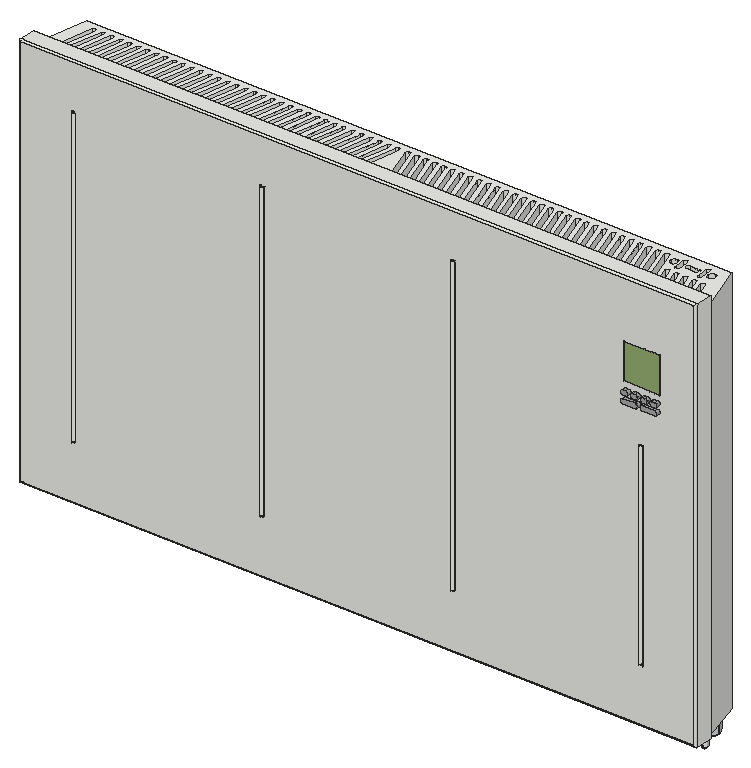
Revit family "Elegance 750W", category Mechanical Equipment, Revit 2018 (continued)
Forms (mm)
  Revolve 63, void
    sketch origin (482.5, 200, 2) x (1, 0, 0) y (0, 1, 0)
      loop
        line (-345, -164.5) -> (-345, -177)
        arc (-345, -177) -> (-342.5, -179.5) -> (-340, -177) r 2.5
        line (-340, -177) -> (-340, -164.5) -> (-345, -164.5)
      axis (-345, -164.5) -> (-340, -164.5)
    angle from 0 to -90
  Revolve 64, void
    sketch origin (512.5, 200, 2) x (1, 0, 0) y (0, 1, 0)
      loop
        line (-345, -164.5) -> (-345, -177)
        arc (-345, -177) -> (-342.5, -179.5) -> (-340, -177) r 2.5
        line (-340, -177) -> (-340, -164.5) -> (-345, -164.5)
      axis (-345, -164.5) -> (-340, -164.5)
    angle from 0 to -90
  Revolve 65, void
    sketch origin (502.5, 200, 2) x (1, 0, 0) y (0, 1, 0)
      loop
        line (-345, -164.5) -> (-345, -177)
        arc (-345, -177) -> (-342.5, -179.5) -> (-340, -177) r 2.5
        line (-340, -177) -> (-340, -164.5) -> (-345, -164.5)
      axis (-345, -164.5) -> (-340, -164.5)
    angle from 0 to -90
  Revolve 66, void
    sketch origin (522.5, 200, 2) x (1, 0, 0) y (0, 1, 0)
      loop
        line (-345, -164.5) -> (-345, -177)
        arc (-345, -177) -> (-342.5, -179.5) -> (-340, -177) r 2.5
        line (-340, -177) -> (-340, -164.5) -> (-345, -164.5)
      axis (-345, -164.5) -> (-340, -164.5)
    angle from 0 to -90
  Revolve 67, void
    sketch origin (542.5, 200, 2) x (1, 0, 0) y (0, 1, 0)
      loop
        line (-345, -164.5) -> (-345, -177)
        arc (-345, -177) -> (-342.5, -179.5) -> (-340, -177) r 2.5
        line (-340, -177) -> (-340, -164.5) -> (-345, -164.5)
      axis (-345, -164.5) -> (-340, -164.5)
    angle from 0 to -90
  Revolve 68, void
    sketch origin (532.5, 200, 2) x (1, 0, 0) y (0, 1, 0)
      loop
        line (-345, -164.5) -> (-345, -177)
        arc (-345, -177) -> (-342.5, -179.5) -> (-340, -177) r 2.5
        line (-340, -177) -> (-340, -164.5) -> (-345, -164.5)
      axis (-345, -164.5) -> (-340, -164.5)
    angle from 0 to -90
  Revolve 69, void
    sketch origin (562.5, 200, 2) x (1, 0, 0) y (0, 1, 0)
      loop
        line (-345, -164.5) -> (-345, -177)
        arc (-345, -177) -> (-342.5, -179.5) -> (-340, -177) r 2.5
        line (-340, -177) -> (-340, -164.5) -> (-345, -164.5)
      axis (-345, -164.5) -> (-340, -164.5)
    angle from 0 to -90
  Revolve 70, void
    sketch origin (552.5, 200, 2) x (1, 0, 0) y (0, 1, 0)
      loop
        line (-345, -164.5) -> (-345, -177)
        arc (-345, -177) -> (-342.5, -179.5) -> (-340, -177) r 2.5
        line (-340, -177) -> (-340, -164.5) -> (-345, -164.5)
      axis (-345, -164.5) -> (-340, -164.5)
    angle from 0 to -90
  Revolve 71, void
    sketch origin (572.5, 200, 2) x (1, 0, 0) y (0, 1, 0)
      loop
        line (-345, -164.5) -> (-345, -177)
        arc (-345, -177) -> (-342.5, -179.5) -> (-340, -177) r 2.5
        line (-340, -177) -> (-340, -164.5) -> (-345, -164.5)
      axis (-345, -164.5) -> (-340, -164.5)
    angle from 0 to -90
  Revolve 72, void
    sketch origin (582.5, 200, 2) x (1, 0, 0) y (0, 1, 0)
      loop
        line (-345, -164.5) -> (-345, -177)
        arc (-345, -177) -> (-342.5, -179.5) -> (-340, -177) r 2.5
        line (-340, -177) -> (-340, -164.5) -> (-345, -164.5)
      axis (-345, -164.5) -> (-340, -164.5)
    angle from 0 to -90
  Extrusion 73, void
    sketch origin (0, 0, 0) x (1, 0, 0) y (0, 1, 0)
      loop
        circle (286, -13) r 2
      loop
        circle (264, -13) r 2
      loop
        circle (286, 21) r 2
      loop
        circle (264, 21) r 2
      loop
        circle (-264, -13) r 2
      loop
        circle (-286, -13) r 2
      loop
        circle (-264, 21) r 2
      loop
        circle (-286, 21) r 2
    from 2 to 7
  Extrusion 74, solid, material "Zwart" <- "Zwart"
    sketch origin (0, 0, 0) x (1, 0, 0) y (0, 1, 0)
      loop
        circle (357, -0.5) r 7
    from 0.5 to 2
  Revolve 75, solid, material "Laquer White" <- "Colour"
    sketch origin (357, 0, 0) x (0, 1, 0) y (0, 0, 1)
      loop
        line (-0.5, 0.5) -> (-0.5, -21.5)
        arc (-0.5, -21.5) -> (1.621, -20.621) -> (2.5, -18.5) r 3
        line (2.5, -18.5) -> (2.5, 0.5) -> (-0.5, 0.5)
      axis (-0.5, 0.5) -> (-0.5, -21.5)
    angle from 0 to 360
  Extrusion 76, solid, material "Metaal" <- "Beugel"
    sketch origin (0, 0, 0) x (1, 0, 0) y (0, 0, 1)
      loop
        line (-201, 412) -> (-201, 402) -> (-222, 402) -> (-222, 367) -> (-22, 367) -> (-22, 32) -> (22, 32) -> (22, 367) -> (222, 367) -> (222, 402) -> (201, 402) -> (201, 412) -> (-201, 412)
      loop
        arc (-3, 51) -> (0, 42) -> (3, 51) r 5
        line (3, 51) -> (3, 62)
        arc (3, 62) -> (0, 65) -> (-3, 62) r 3
        line (-3, 62) -> (-3, 51)
      loop
        arc (-210, 381) -> (-207, 372) -> (-204, 381) r 5
        line (-204, 381) -> (-204, 392)
        arc (-204, 392) -> (-207, 395) -> (-210, 392) r 3
        line (-210, 392) -> (-210, 381)
      loop
        arc (204, 381) -> (207, 372) -> (210, 381) r 5
        line (210, 381) -> (210, 392)
        arc (210, 392) -> (207, 395) -> (204, 392) r 3
        line (204, 392) -> (204, 381)
    from -50.5 to -35.5
  Extrusion 77, void
    sketch origin (0, 0, 0) x (0, 1, 0) y (0, 0, 1)
      loop
        line (50.5, 412) -> (44.5, 412) -> (50.5, 402) -> (50.5, 412)
    from -201 to 201
  Extrusion 78, void
    sketch origin (0, 0, 0) x (0, 1, 0) y (0, 0, 1)
      loop
        line (35.5, 412) -> (35.5, 32.8) -> (49.7, 32.8) -> (49.7, 401.778) -> (43.567, 412) -> (35.5, 412)
    from -221.2 to 221.2
Cuts and joins
  Sweep 2, Blend 3, Blend 4, Blend 5, Blend 6, Extrusion 7, Extrusion 14, Extrusion 15 cuts Extrusion 1
  Extrusion 11, Extrusion 12, Extrusion 13, Extrusion 16, Revolve 17, Revolve 18, Revolve 19, Revolve 20, Revolve 21, Revolve 22, Revolve 23, Revolve 24, Revolve 25, Revolve 26, Revolve 27, Revolve 28, Revolve 29, Revolve 30, Revolve 31, Revolve 32, Revolve 33, Revolve 34, Revolve 35, Revolve 36, Revolve 37, Revolve 38, Revolve 39, Revolve 40, Revolve 41, Revolve 42, Revolve 43, Revolve 44, Revolve 45, Revolve 46, Revolve 47, Revolve 48, Revolve 49, Revolve 50, Revolve 51, Revolve 52, Revolve 53, Revolve 54, Revolve 55, Revolve 56, Revolve 57, Revolve 58, Revolve 59, Revolve 60, Revolve 61, Revolve 62, Revolve 63, Revolve 64, Revolve 65, Revolve 66, Revolve 67, Revolve 68, Revolve 69, Revolve 70, Revolve 71, Revolve 72, Extrusion 73 cuts Extrusion 10
  Extrusion 77, Extrusion 78 cuts Extrusion 76
Lines and regions (mm)
  sketch lines
    curve 1: line (375, -35.5, 440) -> (-375, -35.5, 440)
    curve 2: line (375, -35.5, 0) -> (375, -35.5, 440)
    curve 3: line (-375, -35.5, 0) -> (375, -35.5, 0)
    curve 4: line (-375, -35.5, 440) -> (-375, -35.5, 0)
Dimensions and locks
  equal spacing: plane 8, plane 1 "Center (Front/Back)", plane 7
  "Diepte": plane 8 to plane 7
  equal spacing: plane 5, plane 3 "Center (Left/Right)", plane 4
  "Breedte": plane 5 to plane 4
  "Hoogte": plane 6 to level
  aligned and locked: level to plane 2
  aligned and locked: profile plane to Sweep 2 sketch curve  (x2)
Automatic sketch dimensions
  Extrusion 1 sketch curve to level = 0 mm
  Extrusion 1 sketch curve to plane 5 = 0 mm
  Extrusion 1 sketch curve to plane 4 = 0 mm
  Extrusion 1 sketch curve to plane 6 = 0 mm
  Blend 3 sketch curve to plane 4 = 61 mm
  Blend 3 sketch curve to Blend 3 sketch curve = 1 mm  (x4)
  level to Blend 3 sketch curve = 62 mm
  Blend 3 sketch curve to plane 6 = 162 mm
  Blend 3 sketch curve to plane 4 = 64 mm
  Blend 3 sketch curve to Blend 3 sketch curve = 5 mm  (x2)
  level to Blend 3 sketch curve = 60 mm
  Blend 3 sketch curve to plane 6 = 161 mm
  plane 5 to Blend 4 sketch curve = 60 mm
  Blend 4 sketch curve to Blend 4 sketch curve = 1 mm  (x4)
  level to Blend 4 sketch curve = 62 mm
  Blend 4 sketch curve to plane 6 = 52 mm
  plane 5 to Blend 4 sketch curve = 57 mm
  Blend 4 sketch curve to Blend 4 sketch curve = 5 mm  (x2)
  level to Blend 4 sketch curve = 60 mm
  Blend 4 sketch curve to plane 6 = 51 mm
  Blend 5 sketch curve to plane 3 "Center (Left/Right)" = 106 mm
  Blend 5 sketch curve to Blend 5 sketch curve = 1 mm  (x4)
  level to Blend 5 sketch curve = 62 mm
  Blend 5 sketch curve to plane 6 = 52 mm
  Blend 5 sketch curve to plane 3 "Center (Left/Right)" = 109 mm
  Blend 5 sketch curve to Blend 5 sketch curve = 5 mm  (x2)
  level to Blend 5 sketch curve = 60 mm
  Blend 5 sketch curve to plane 6 = 51 mm
  plane 3 "Center (Left/Right)" to Blend 6 sketch curve = 105 mm
  Blend 6 sketch curve to Blend 6 sketch curve = 1 mm  (x4)
  level to Blend 6 sketch curve = 62 mm
  Blend 6 sketch curve to plane 6 = 52 mm
  plane 3 "Center (Left/Right)" to Blend 6 sketch curve = 102 mm
  Blend 6 sketch curve to Blend 6 sketch curve = 5 mm  (x2)
  level to Blend 6 sketch curve = 60 mm
  Blend 6 sketch curve to plane 6 = 51 mm
  Extrusion 7 sketch curve to plane 4 = 80 mm
  Extrusion 7 sketch curve to plane 4 = 40 mm
  Extrusion 7 sketch curve to plane 6 = 104 mm
  Extrusion 7 sketch curve to Extrusion 7 sketch curve = 40 mm
  Extrusion 8 sketch curve to plane 4 = 80 mm
  Extrusion 8 sketch curve to plane 4 = 40 mm
  Extrusion 8 sketch curve to plane 6 = 104 mm
  Extrusion 8 sketch curve to Extrusion 8 sketch curve = 40 mm
  Extrusion 9 sketch curve to plane 4 = 77.5 mm
  Extrusion 9 sketch curve to Extrusion 9 sketch curve = 0 mm  (x3)
  Extrusion 9 sketch curve to Extrusion 9 sketch curve = 2.8 mm  (x5)
  Extrusion 9 sketch curve to Extrusion 9 sketch curve = 7.9 mm  (x2)
  Extrusion 9 sketch curve to Extrusion 9 sketch curve = 8 mm  (x2)
  Extrusion 9 sketch curve to plane 6 = 123.5 mm
  Extrusion 9 sketch curve to Extrusion 9 sketch curve = 2.5 mm  (x6)
  Extrusion 9 sketch curve to Extrusion 9 sketch curve = 3.5 mm  (x4)
  Extrusion 10 sketch curve to plane 7 = 0 mm
  level to Extrusion 10 sketch curve = 2 mm
  Extrusion 10 sketch curve to plane 8 = 10 mm
  Extrusion 10 sketch curve to plane 6 = 11.98 mm
  Extrusion 10 sketch curve to plane 6 = 6 mm
  plane 7 to Extrusion 11 sketch curve = 0 mm
  Extrusion 11 sketch curve to plane 4 = 17.592 mm
  Extrusion 11 sketch curve to plane 4 = 2 mm
  plane 1 "Center (Front/Back)" to Extrusion 11 sketch curve = 15.5 mm
  plane 7 to Extrusion 12 sketch curve = 0 mm
  Extrusion 12 sketch curve to plane 5 = 17.592 mm
  Extrusion 12 sketch curve to plane 5 = 2 mm
  Extrusion 12 sketch curve to plane 1 "Center (Front/Back)" = 15.5 mm
  Extrusion 14 sketch curve to plane 8 = 10 mm
  Extrusion 14 sketch curve to plane 4 = 122 mm
  plane 1 "Center (Front/Back)" to Extrusion 14 sketch curve = 15.5 mm
  Extrusion 14 sketch curve to Extrusion 14 sketch curve = 44 mm
  plane 8 to Extrusion 15 sketch curve = 10 mm
  Extrusion 15 sketch curve to plane 5 = 122 mm
  Extrusion 15 sketch curve to plane 1 "Center (Front/Back)" = 15.5 mm
  Extrusion 15 sketch curve to Extrusion 15 sketch curve = 44 mm
  plane 5 to Extrusion 16 sketch curve = 25 mm
  Extrusion 16 sketch curve to Extrusion 16 sketch curve = 2.5 mm  (x57)
  Extrusion 16 sketch curve to Extrusion 16 sketch curve = 5 mm  (x54)
  plane 1 "Center (Front/Back)" to Extrusion 16 sketch curve = 9 mm  (x31)
  Extrusion 16 sketch curve to Extrusion 16 sketch curve = 57.967 mm
  Extrusion 16 sketch curve to Extrusion 16 sketch curve = 2.266 mm
  plane 3 "Center (Left/Right)" to Extrusion 16 sketch curve = 2.5 mm
  Extrusion 16 sketch curve to Extrusion 16 sketch curve = 57.5 mm
  Extrusion 16 sketch curve to Extrusion 16 sketch curve = 0 mm  (x76)
  Extrusion 16 sketch curve to plane 1 "Center (Front/Back)" = 16 mm  (x9)
  plane 7 to Revolve 17 sketch curve = 0 mm  (x2)
  plane 5 to Revolve 17 sketch curve = 30 mm
  Revolve 17 sketch curve to Revolve 17 sketch curve = 2.5 mm  (x3)
  plane 7 to Revolve 17 sketch curve = 12.5 mm
  plane 7 to Revolve 18 sketch curve = 0 mm  (x2)
  plane 5 to Revolve 18 sketch curve = 20 mm
  Revolve 18 sketch curve to Revolve 18 sketch curve = 2.5 mm  (x3)
  plane 7 to Revolve 18 sketch curve = 12.5 mm
  plane 7 to Revolve 19 sketch curve = 0 mm  (x2)
  plane 7 to Revolve 19 sketch curve = 12.5 mm
  plane 5 to Revolve 19 sketch curve = 40 mm
  Revolve 19 sketch curve to Revolve 19 sketch curve = 2.5 mm  (x3)
  plane 7 to Revolve 20 sketch curve = 0 mm  (x2)
  plane 7 to Revolve 20 sketch curve = 12.5 mm
  plane 5 to Revolve 20 sketch curve = 60 mm
  Revolve 20 sketch curve to Revolve 20 sketch curve = 2.5 mm  (x3)
  plane 7 to Revolve 21 sketch curve = 0 mm  (x2)
  plane 7 to Revolve 21 sketch curve = 12.5 mm
  plane 5 to Revolve 21 sketch curve = 50 mm
  Revolve 21 sketch curve to Revolve 21 sketch curve = 2.5 mm  (x3)
  plane 7 to Revolve 22 sketch curve = 0 mm  (x2)
  plane 7 to Revolve 22 sketch curve = 12.5 mm
  Revolve 22 sketch curve to plane 4 = 60 mm
  Revolve 22 sketch curve to Revolve 22 sketch curve = 2.5 mm  (x3)
  plane 7 to Revolve 23 sketch curve = 0 mm  (x2)
  plane 7 to Revolve 23 sketch curve = 12.5 mm
  Revolve 23 sketch curve to plane 4 = 50 mm
  Revolve 23 sketch curve to Revolve 23 sketch curve = 2.5 mm  (x3)
  plane 7 to Revolve 24 sketch curve = 0 mm  (x2)
  plane 7 to Revolve 24 sketch curve = 12.5 mm
  plane 5 to Revolve 24 sketch curve = 142.5 mm
  Revolve 24 sketch curve to Revolve 24 sketch curve = 2.5 mm  (x3)
  plane 7 to Revolve 25 sketch curve = 0 mm  (x2)
  plane 7 to Revolve 25 sketch curve = 12.5 mm
  plane 5 to Revolve 25 sketch curve = 132.5 mm
  Revolve 25 sketch curve to Revolve 25 sketch curve = 2.5 mm  (x3)
  plane 7 to Revolve 26 sketch curve = 0 mm  (x2)
  plane 7 to Revolve 26 sketch curve = 12.5 mm
  plane 5 to Revolve 26 sketch curve = 152.5 mm
  Revolve 26 sketch curve to Revolve 26 sketch curve = 2.5 mm  (x3)
  plane 7 to Revolve 27 sketch curve = 0 mm  (x2)
  plane 7 to Revolve 27 sketch curve = 12.5 mm
  plane 5 to Revolve 27 sketch curve = 172.5 mm
  Revolve 27 sketch curve to Revolve 27 sketch curve = 2.5 mm  (x3)
  plane 7 to Revolve 28 sketch curve = 0 mm  (x2)
  plane 7 to Revolve 28 sketch curve = 12.5 mm
  plane 5 to Revolve 28 sketch curve = 162.5 mm
  Revolve 28 sketch curve to Revolve 28 sketch curve = 2.5 mm  (x3)
  plane 7 to Revolve 29 sketch curve = 0 mm  (x2)
  plane 7 to Revolve 29 sketch curve = 12.5 mm
  Revolve 29 sketch curve to plane 3 "Center (Left/Right)" = 182.5 mm
  Revolve 29 sketch curve to Revolve 29 sketch curve = 2.5 mm  (x3)
  plane 7 to Revolve 30 sketch curve = 0 mm  (x2)
  plane 7 to Revolve 30 sketch curve = 12.5 mm
  plane 5 to Revolve 30 sketch curve = 182.5 mm
  Revolve 30 sketch curve to Revolve 30 sketch curve = 2.5 mm  (x3)
  plane 7 to Revolve 31 sketch curve = 0 mm  (x2)
  plane 7 to Revolve 31 sketch curve = 12.5 mm
  Revolve 31 sketch curve to plane 3 "Center (Left/Right)" = 172.5 mm
  Revolve 31 sketch curve to Revolve 31 sketch curve = 2.5 mm  (x3)
  plane 7 to Revolve 32 sketch curve = 0 mm  (x2)
  plane 7 to Revolve 32 sketch curve = 12.5 mm
  Revolve 32 sketch curve to plane 3 "Center (Left/Right)" = 152.5 mm
  Revolve 32 sketch curve to Revolve 32 sketch curve = 2.5 mm  (x3)
  plane 7 to Revolve 33 sketch curve = 0 mm  (x2)
  plane 7 to Revolve 33 sketch curve = 12.5 mm
  Revolve 33 sketch curve to plane 3 "Center (Left/Right)" = 162.5 mm
  Revolve 33 sketch curve to Revolve 33 sketch curve = 2.5 mm  (x3)
  plane 7 to Revolve 34 sketch curve = 0 mm  (x2)
  plane 7 to Revolve 34 sketch curve = 12.5 mm
  Revolve 34 sketch curve to plane 3 "Center (Left/Right)" = 132.5 mm
  Revolve 34 sketch curve to Revolve 34 sketch curve = 2.5 mm  (x3)
  plane 7 to Revolve 35 sketch curve = 0 mm  (x2)
  plane 7 to Revolve 35 sketch curve = 12.5 mm
  Revolve 35 sketch curve to plane 3 "Center (Left/Right)" = 142.5 mm
  Revolve 35 sketch curve to Revolve 35 sketch curve = 2.5 mm  (x3)
  plane 7 to Revolve 36 sketch curve = 0 mm  (x2)
  plane 7 to Revolve 36 sketch curve = 12.5 mm
  Revolve 36 sketch curve to plane 3 "Center (Left/Right)" = 122.5 mm
  Revolve 36 sketch curve to Revolve 36 sketch curve = 2.5 mm  (x3)
  plane 7 to Revolve 37 sketch curve = 0 mm  (x2)
  plane 7 to Revolve 37 sketch curve = 12.5 mm
  Revolve 37 sketch curve to plane 3 "Center (Left/Right)" = 102.5 mm
  Revolve 37 sketch curve to Revolve 37 sketch curve = 2.5 mm  (x3)
  plane 7 to Revolve 38 sketch curve = 0 mm  (x2)
  plane 7 to Revolve 38 sketch curve = 12.5 mm
  Revolve 38 sketch curve to plane 3 "Center (Left/Right)" = 112.5 mm
  Revolve 38 sketch curve to Revolve 38 sketch curve = 2.5 mm  (x3)
  plane 7 to Revolve 39 sketch curve = 0 mm  (x2)
  plane 7 to Revolve 39 sketch curve = 12.5 mm
  Revolve 39 sketch curve to plane 3 "Center (Left/Right)" = 82.5 mm
  Revolve 39 sketch curve to Revolve 39 sketch curve = 2.5 mm  (x3)
  plane 7 to Revolve 40 sketch curve = 0 mm  (x2)
  plane 7 to Revolve 40 sketch curve = 12.5 mm
  Revolve 40 sketch curve to plane 3 "Center (Left/Right)" = 92.5 mm
  Revolve 40 sketch curve to Revolve 40 sketch curve = 2.5 mm  (x3)
  plane 7 to Revolve 41 sketch curve = 0 mm  (x2)
  plane 7 to Revolve 41 sketch curve = 12.5 mm
  Revolve 41 sketch curve to plane 3 "Center (Left/Right)" = 72.5 mm
  Revolve 41 sketch curve to Revolve 41 sketch curve = 2.5 mm  (x3)
  plane 7 to Revolve 42 sketch curve = 0 mm  (x2)
  plane 7 to Revolve 42 sketch curve = 12.5 mm
  Revolve 42 sketch curve to plane 3 "Center (Left/Right)" = 52.5 mm
  Revolve 42 sketch curve to Revolve 42 sketch curve = 2.5 mm  (x3)
  plane 7 to Revolve 43 sketch curve = 0 mm  (x2)
  plane 7 to Revolve 43 sketch curve = 12.5 mm
  Revolve 43 sketch curve to plane 3 "Center (Left/Right)" = 62.5 mm
  Revolve 43 sketch curve to Revolve 43 sketch curve = 2.5 mm  (x3)
  plane 7 to Revolve 44 sketch curve = 0 mm  (x2)
  Revolve 44 sketch curve to plane 3 "Center (Left/Right)" = 32.5 mm
  Revolve 44 sketch curve to Revolve 44 sketch curve = 2.5 mm  (x3)
  plane 7 to Revolve 44 sketch curve = 12.5 mm
  plane 7 to Revolve 45 sketch curve = 0 mm  (x2)
  plane 7 to Revolve 45 sketch curve = 12.5 mm
  Revolve 45 sketch curve to plane 3 "Center (Left/Right)" = 42.5 mm
  Revolve 45 sketch curve to Revolve 45 sketch curve = 2.5 mm  (x3)
  plane 7 to Revolve 46 sketch curve = 0 mm  (x2)
  Revolve 46 sketch curve to plane 3 "Center (Left/Right)" = 22.5 mm
  Revolve 46 sketch curve to Revolve 46 sketch curve = 2.5 mm  (x3)
  plane 7 to Revolve 46 sketch curve = 12.5 mm
  plane 7 to Revolve 47 sketch curve = 0 mm  (x2)
  Revolve 47 sketch curve to plane 3 "Center (Left/Right)" = 0 mm
  Revolve 47 sketch curve to plane 3 "Center (Left/Right)" = 2.5 mm
  plane 7 to Revolve 47 sketch curve = 12.5 mm
  Revolve 47 sketch curve to Revolve 47 sketch curve = 2.5 mm  (x2)
  plane 7 to Revolve 48 sketch curve = 0 mm  (x2)
  Revolve 48 sketch curve to plane 3 "Center (Left/Right)" = 12.5 mm
  Revolve 48 sketch curve to Revolve 48 sketch curve = 2.5 mm  (x3)
  plane 7 to Revolve 48 sketch curve = 12.5 mm
  plane 7 to Revolve 49 sketch curve = 0 mm  (x2)
  plane 3 "Center (Left/Right)" to Revolve 49 sketch curve = 17.5 mm
  Revolve 49 sketch curve to Revolve 49 sketch curve = 2.5 mm  (x3)
  plane 7 to Revolve 49 sketch curve = 12.5 mm
  plane 7 to Revolve 50 sketch curve = 0 mm  (x2)
  plane 3 "Center (Left/Right)" to Revolve 50 sketch curve = 7.5 mm
  Revolve 50 sketch curve to Revolve 50 sketch curve = 2.5 mm  (x3)
  plane 7 to Revolve 50 sketch curve = 12.5 mm
  plane 7 to Revolve 51 sketch curve = 0 mm  (x2)
  plane 3 "Center (Left/Right)" to Revolve 51 sketch curve = 27.5 mm
  Revolve 51 sketch curve to Revolve 51 sketch curve = 2.5 mm  (x3)
  plane 7 to Revolve 51 sketch curve = 12.5 mm
  plane 7 to Revolve 52 sketch curve = 0 mm  (x2)
  plane 7 to Revolve 52 sketch curve = 12.5 mm
  plane 3 "Center (Left/Right)" to Revolve 52 sketch curve = 47.5 mm
  Revolve 52 sketch curve to Revolve 52 sketch curve = 2.5 mm  (x3)
  plane 7 to Revolve 53 sketch curve = 0 mm  (x2)
  plane 3 "Center (Left/Right)" to Revolve 53 sketch curve = 37.5 mm
  Revolve 53 sketch curve to Revolve 53 sketch curve = 2.5 mm  (x3)
  plane 7 to Revolve 53 sketch curve = 12.5 mm
  plane 7 to Revolve 54 sketch curve = 0 mm  (x2)
  plane 7 to Revolve 54 sketch curve = 12.5 mm
  plane 3 "Center (Left/Right)" to Revolve 54 sketch curve = 67.5 mm
  Revolve 54 sketch curve to Revolve 54 sketch curve = 2.5 mm  (x3)
  plane 7 to Revolve 55 sketch curve = 0 mm  (x2)
  plane 7 to Revolve 55 sketch curve = 12.5 mm
  plane 3 "Center (Left/Right)" to Revolve 55 sketch curve = 57.5 mm
  Revolve 55 sketch curve to Revolve 55 sketch curve = 2.5 mm  (x3)
  plane 7 to Revolve 56 sketch curve = 0 mm  (x2)
  plane 7 to Revolve 56 sketch curve = 12.5 mm
  plane 3 "Center (Left/Right)" to Revolve 56 sketch curve = 77.5 mm
  Revolve 56 sketch curve to Revolve 56 sketch curve = 2.5 mm  (x3)
  plane 7 to Revolve 57 sketch curve = 0 mm  (x2)
  plane 7 to Revolve 57 sketch curve = 12.5 mm
  plane 3 "Center (Left/Right)" to Revolve 57 sketch curve = 97.5 mm
  Revolve 57 sketch curve to Revolve 57 sketch curve = 2.5 mm  (x3)
  plane 7 to Revolve 58 sketch curve = 0 mm  (x2)
  plane 7 to Revolve 58 sketch curve = 12.5 mm
  plane 3 "Center (Left/Right)" to Revolve 58 sketch curve = 87.5 mm
  Revolve 58 sketch curve to Revolve 58 sketch curve = 2.5 mm  (x3)
  plane 7 to Revolve 59 sketch curve = 0 mm  (x2)
  plane 7 to Revolve 59 sketch curve = 12.5 mm
  plane 3 "Center (Left/Right)" to Revolve 59 sketch curve = 117.5 mm
  Revolve 59 sketch curve to Revolve 59 sketch curve = 2.5 mm  (x3)
  plane 7 to Revolve 60 sketch curve = 0 mm  (x2)
  plane 7 to Revolve 60 sketch curve = 12.5 mm
  plane 3 "Center (Left/Right)" to Revolve 60 sketch curve = 107.5 mm
  Revolve 60 sketch curve to Revolve 60 sketch curve = 2.5 mm  (x3)
  plane 7 to Revolve 61 sketch curve = 0 mm  (x2)
  plane 7 to Revolve 61 sketch curve = 12.5 mm
  plane 3 "Center (Left/Right)" to Revolve 61 sketch curve = 127.5 mm
  Revolve 61 sketch curve to Revolve 61 sketch curve = 2.5 mm  (x3)
  plane 7 to Revolve 62 sketch curve = 0 mm  (x2)
  plane 7 to Revolve 62 sketch curve = 12.5 mm
  plane 3 "Center (Left/Right)" to Revolve 62 sketch curve = 147.5 mm
  Revolve 62 sketch curve to Revolve 62 sketch curve = 2.5 mm  (x3)
  plane 7 to Revolve 63 sketch curve = 0 mm  (x2)
  plane 7 to Revolve 63 sketch curve = 12.5 mm
  plane 3 "Center (Left/Right)" to Revolve 63 sketch curve = 137.5 mm
  Revolve 63 sketch curve to Revolve 63 sketch curve = 2.5 mm  (x3)
  plane 7 to Revolve 64 sketch curve = 0 mm  (x2)
  plane 7 to Revolve 64 sketch curve = 12.5 mm
  plane 3 "Center (Left/Right)" to Revolve 64 sketch curve = 167.5 mm
  Revolve 64 sketch curve to Revolve 64 sketch curve = 2.5 mm  (x3)
  plane 7 to Revolve 65 sketch curve = 0 mm  (x2)
  plane 7 to Revolve 65 sketch curve = 12.5 mm
  plane 3 "Center (Left/Right)" to Revolve 65 sketch curve = 157.5 mm
  Revolve 65 sketch curve to Revolve 65 sketch curve = 2.5 mm  (x3)
  plane 7 to Revolve 66 sketch curve = 0 mm  (x2)
  plane 7 to Revolve 66 sketch curve = 12.5 mm
  plane 3 "Center (Left/Right)" to Revolve 66 sketch curve = 177.5 mm
  Revolve 66 sketch curve to Revolve 66 sketch curve = 2.5 mm  (x3)
  plane 7 to Revolve 67 sketch curve = 0 mm  (x2)
  plane 7 to Revolve 67 sketch curve = 12.5 mm
  Revolve 67 sketch curve to plane 4 = 177.5 mm
  Revolve 67 sketch curve to Revolve 67 sketch curve = 2.5 mm  (x3)
  plane 7 to Revolve 68 sketch curve = 0 mm  (x2)
  plane 7 to Revolve 68 sketch curve = 12.5 mm
  plane 3 "Center (Left/Right)" to Revolve 68 sketch curve = 187.5 mm
  Revolve 68 sketch curve to Revolve 68 sketch curve = 2.5 mm  (x3)
  plane 7 to Revolve 69 sketch curve = 0 mm  (x2)
  plane 7 to Revolve 69 sketch curve = 12.5 mm
  Revolve 69 sketch curve to plane 4 = 157.5 mm
  Revolve 69 sketch curve to Revolve 69 sketch curve = 2.5 mm  (x3)
  plane 7 to Revolve 70 sketch curve = 0 mm  (x2)
  plane 7 to Revolve 70 sketch curve = 12.5 mm
  Revolve 70 sketch curve to plane 4 = 167.5 mm
  Revolve 70 sketch curve to Revolve 70 sketch curve = 2.5 mm  (x3)
  plane 7 to Revolve 71 sketch curve = 0 mm  (x2)
  plane 7 to Revolve 71 sketch curve = 12.5 mm
  Revolve 71 sketch curve to plane 4 = 147.5 mm
  Revolve 71 sketch curve to Revolve 71 sketch curve = 2.5 mm  (x3)
  plane 7 to Revolve 72 sketch curve = 0 mm  (x2)
  plane 7 to Revolve 72 sketch curve = 12.5 mm
  Revolve 72 sketch curve to plane 4 = 137.5 mm
  Revolve 72 sketch curve to Revolve 72 sketch curve = 2.5 mm  (x3)
  plane 1 "Center (Front/Back)" to Extrusion 73 sketch curve = 13 mm  (x4)
  plane 5 to Extrusion 73 sketch curve = 89 mm
  plane 7 to Extrusion 73 sketch curve = 14.5 mm  (x4)
  Extrusion 73 sketch curve to Extrusion 73 sketch curve = 0 mm  (x2)
  Extrusion 73 sketch curve to Extrusion 73 sketch curve = 22 mm  (x4)
  Extrusion 73 sketch curve to plane 4 = 111 mm
  plane 1 "Center (Front/Back)" to Extrusion 74 sketch curve = 0.5 mm
  Extrusion 74 sketch curve to plane 4 = 18 mm
  plane 1 "Center (Front/Back)" to Revolve 75 sketch curve = 0.5 mm  (x2)
  level to Revolve 75 sketch curve = 0.5 mm
  Revolve 75 sketch curve to plane 1 "Center (Front/Back)" = 2.5 mm
  Revolve 75 sketch curve to level = 18.5 mm
  Revolve 75 sketch curve to Revolve 75 sketch curve = 0.894 mm
  Revolve 75 sketch curve to Revolve 75 sketch curve = 3.899 mm
  Extrusion 76 sketch curve to plane 11 = 0 mm
  Extrusion 76 sketch curve to plane 10 = 0 mm
  Extrusion 76 sketch curve to plane 14 = 0 mm
  Extrusion 76 sketch curve to plane 13 = 0 mm
  Extrusion 76 sketch curve to plane 17 = 0 mm
  Extrusion 76 sketch curve to plane 3 "Center (Left/Right)" = 0 mm  (x2)
  Extrusion 76 sketch curve to plane 18 = 0 mm
  Extrusion 76 sketch curve to plane 15 = 0 mm
  Extrusion 76 sketch curve to plane 12 = 0 mm
  Extrusion 76 sketch curve to plane 16 = 0 mm  (x2)
  Extrusion 76 sketch curve to plane 9 = 0 mm  (x2)
  Extrusion 76 sketch curve to plane 14 = 9 mm
  Extrusion 76 sketch curve to Extrusion 76 sketch curve = 3 mm  (x3)
  Extrusion 76 sketch curve to plane 3 "Center (Left/Right)" = 3 mm
  Extrusion 76 sketch curve to plane 12 = 18 mm
  Extrusion 76 sketch curve to plane 12 = 15 mm
  plane 13 to Extrusion 76 sketch curve = 15 mm
  Extrusion 76 sketch curve to Extrusion 76 sketch curve = 4 mm  (x3)
  Extrusion 76 sketch curve to Extrusion 76 sketch curve = 11 mm
  plane 16 to Extrusion 76 sketch curve = 10 mm  (x2)
  Extrusion 76 sketch curve to plane 9 = 10 mm  (x2)
  Extrusion 77 sketch curve to plane 9 = 0 mm
  Extrusion 77 sketch curve to plane 10 = 0 mm
  Extrusion 77 sketch curve to plane 7 = 9 mm
  Extrusion 77 sketch curve to Extrusion 77 sketch curve = 6 mm
  Extrusion 78 sketch curve to plane 7 = 0 mm
  Extrusion 78 sketch curve to plane 9 = 0.222 mm
  plane 13 to Extrusion 78 sketch curve = 0.8 mm
  Extrusion 78 sketch curve to plane 10 = 0 mm
  Extrusion 78 sketch curve to plane 7 = 14.2 mm
  Extrusion 78 sketch curve to plane 7 = 8.067 mm
  profile plane to Sweep 2 sketch curve = 2 mm
  Sweep 2 sketch curve to Sweep 2 sketch curve = 0 mm  (x2)
  Sweep 2 sketch curve to profile plane = 0 mm  (x2)
  plane 1 "Center (Front/Back)" to Extrusion 13 sketch curve = 6.378 mm  (x58)
  plane 5 to Extrusion 13 sketch curve = 19.789 mm
  Extrusion 13 sketch curve to Extrusion 13 sketch curve = 2.391 mm  (x270)
  plane 1 "Center (Front/Back)" to Extrusion 13 sketch curve = 7.84 mm  (x67)
  Extrusion 13 sketch curve to Extrusion 13 sketch curve = 5.118 mm  (x116)
  plane 7 to Extrusion 13 sketch curve = 8.408 mm  (x48)
  plane 5 to Extrusion 13 sketch curve = 30.022 mm
  plane 7 to Extrusion 13 sketch curve = 9.87 mm  (x59)
  Extrusion 13 sketch curve to plane 11 = 4.511 mm
  Extrusion 13 sketch curve to plane 11 = 4.178 mm
  Extrusion 13 sketch curve to plane 11 = 2.12 mm
  Extrusion 13 sketch curve to plane 11 = 1.787 mm
  plane 11 to Extrusion 13 sketch curve = 0.27 mm
  plane 11 to Extrusion 13 sketch curve = 0.603 mm
  Extrusion 13 sketch curve to plane 14 = 0.93 mm
  Extrusion 13 sketch curve to plane 14 = 0.597 mm
  plane 14 to Extrusion 13 sketch curve = 4.189 mm
  plane 14 to Extrusion 13 sketch curve = 4.522 mm
  Extrusion 13 sketch curve to plane 17 = 1.73 mm
  Extrusion 13 sketch curve to plane 17 = 1.397 mm
  plane 17 to Extrusion 13 sketch curve = 3.389 mm
  plane 17 to Extrusion 13 sketch curve = 3.722 mm
  plane 3 "Center (Left/Right)" to Extrusion 13 sketch curve = 3.597 mm
  Extrusion 13 sketch curve to plane 18 = 8.17 mm
  plane 18 to Extrusion 13 sketch curve = 1.397 mm
  plane 18 to Extrusion 13 sketch curve = 1.73 mm
  plane 15 to Extrusion 13 sketch curve = 0.597 mm
  plane 15 to Extrusion 13 sketch curve = 0.93 mm
  Extrusion 13 sketch curve to plane 12 = 0.603 mm
  Extrusion 13 sketch curve to plane 12 = 0.27 mm
  plane 12 to Extrusion 13 sketch curve = 1.787 mm
  plane 12 to Extrusion 13 sketch curve = 2.12 mm
  Extrusion 13 sketch curve to Extrusion 13 sketch curve = 9.057 mm
  Extrusion 13 sketch curve to plane 1 "Center (Front/Back)" = 6.504 mm  (x5)
  Extrusion 13 sketch curve to Extrusion 13 sketch curve = 0.734 mm
  Extrusion 13 sketch curve to Extrusion 13 sketch curve = 6 mm  (x2)
  Extrusion 13 sketch curve to Extrusion 13 sketch curve = 2.5 mm  (x4)
  Extrusion 13 sketch curve to Extrusion 13 sketch curve = 5.12 mm  (x3)
  Extrusion 13 sketch curve to plane 1 "Center (Front/Back)" = 7.966 mm  (x5)
  Extrusion 13 sketch curve to Extrusion 13 sketch curve = 5.117 mm  (x4)
  Extrusion 13 sketch curve to Extrusion 13 sketch curve = 5 mm  (x3)
  Extrusion 13 sketch curve to Extrusion 13 sketch curve = 10 mm
  Extrusion 13 sketch curve to Extrusion 13 sketch curve = 1.462 mm  (x8)
  Extrusion 13 sketch curve to Extrusion 13 sketch curve = 0.731 mm  (x29)
  Extrusion 13 sketch curve to Extrusion 13 sketch curve = 9.034 mm  (x2)
  Extrusion 13 sketch curve to Extrusion 13 sketch curve = 5.092 mm
  Extrusion 13 sketch curve to Extrusion 13 sketch curve = 0 mm
  plane 7 to Extrusion 13 sketch curve = 8.5 mm  (x2)
  radius of Extrusion 73 sketch curve = 2 mm  (x8)
  radius of Extrusion 74 sketch curve = 7 mm
  radius of Extrusion 13 sketch curve = 4 mm  (x2)
Nested families
  nested 1: "Aansluiting 1" at (345, 20.5, -19), type "Aansluiting 1"
Connectors
  electrical at (345, 20.5, -14), driven by "Phase", driven by "Power (default)", driven by "Voltage"
    settings: on nested 1, index 1, voltage 230 V, apparent load 750 VA, apparent load phase1 0 VA, apparent load phase2 0 VA, apparent load phase3 0 VA, power factor 1, load classification "Other", number of poles 1, system type 30, power factor state 1, is connector primary yes, connector utility no, sub classification motor no, connector description ""
Definition of nested family "Aansluiting 1"
  Parameters (values of type "Aansluiting 1")
    Licht grijs = none
  Reference planes
    plane 1 "Center (Front/Back)": y = 0
    plane 2: z = 0
    plane 3 "Center (Left/Right)": x = 0
    plane 4: z = 21
  Forms (mm)
    Extrusion 1, solid, material <- "Licht grijs"
      sketch origin (0, 0, 0) x (1, 0, 0) y (0, 1, 0)
        loop
          line (-6.321, 9.053) -> (-11, 0.947) -> (-11, -0.947) -> (-6.321, -9.053) -> (-4.679, -10) -> (4.679, -10) -> (6.321, -9.053) -> (11, -0.947) -> (11, 0.947) -> (6.321, 9.053) -> (4.679, 10) -> (-4.679, 10) -> (-6.321, 9.053)
      from 16 to 21
    Extrusion 2, solid, material <- "Licht grijs"
      sketch origin (0, 0, 0) x (1, 0, 0) y (0, 1, 0)
        loop
          circle (0, 0) r 7
      from 14 to 16
    Extrusion 3, solid, material <- "Licht grijs"
      sketch origin (0, 0, 0) x (1, 0, 0) y (0, 1, 0)
        loop
          line (-6.321, 9.053) -> (-11, 0.947) -> (-11, -0.947) -> (-6.321, -9.053) -> (-4.679, -10) -> (4.679, -10) -> (6.321, -9.053) -> (11, -0.947) -> (11, 0.947) -> (6.321, 9.053) -> (4.679, 10) -> (-4.679, 10) -> (-6.321, 9.053)
      from -0.5 to 14
    Revolve 4, void
      sketch origin (0, 0, 0) x (1, 0, 0) y (0, 0, 1)
        loop
          line (-5.547, 0.004) -> (-6.347, 0.004)
          arc (-6.347, 0.004) -> (-10.354, 1.435) -> (-12.547, 5.081) r 6.324
          line (-12.547, 5.081) -> (-12.547, -1) -> (0, -1) -> (0, 5) -> (-5.547, 5) -> (-5.547, 0.004)
        axis (0, 5.081) -> (0, -1)
      angle from 0 to 360
  Cuts and joins
    Revolve 4 cuts Extrusion 3
  Dimensions and locks
    aligned and locked: level to plane 2
